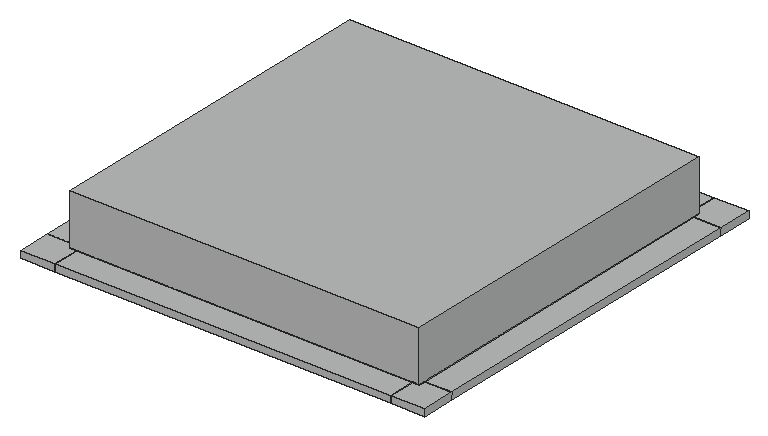
Revit family "ALUMOGIPS", category Осветительные приборы, Revit 2019 (continued)
Types (72, lengths in mm): name | Файл фотометрической сетки | built-in parameter 1150105 | Lumens | built-in parameter 1150106 | built-in parameter 1150142 | Wattage | Emit from Rectangle Width | Emit from Rectangle Length | Длина | Материал светильника | Ширина | ADSK_Ток | ADSK_Полная мощность | ADSK_Обозначение | ADSK_Номинальная мощность | ADSK_Наименование | ADSK_Масса | ADSK_Код изделия
  Alumogips-38/opal-sand 295х1195 (IP40, 4000К, серый) | "Светильник ALUMOGIPS-38 OPAL-SAND-(295x1195).ies" | 302.39 (stored number, unit not read) | 3800 lm | 3.0239 (stored number, unit not read) | "IESNA:LM-63-1995\r\n[TEST] Протокол №334/16 от 03.11.2016г. Испытательная лаборатория Государственного предприятия \"ЦСОТ НАН Беларуси\"\r\n[MORE] FFFFFFFD255B12BA015C13F525FB5F2F2\r\n[DATA] 02.11.2016\r\n[MANUFAC] ЗАО \"Центрстройсвет\"\r\n[LUMCAT] Светильник ALUMOGIPS-38/OPAL-SAND-(295X1195)\r\n[LUMINAIRE] офисное освещение\r\n[LAMP] \r\nTILT=NONE\r\n1    -1.0   1.000 91 181 1 2   .295   1.195   0.04\r\n1.0  1.0   37.90\r\n0.0 2.0 4.0 6.0 8.0 10.0 12.0 14.0 16.0 18.0 20.0 22.0 24.0 26.0 28.0 30.0 32.0 34.0 36.0 38.0 40.0 42.0 44.0 46.0 48.0 50.0 52.0 54.0 56.0 58.0 60.0 62.0 64.0 66.0 68.0 70.0 72.0 74.0 76.0 78.0 80.0 82.0 84.0 86.0 88.0 90.0 92.0 94.0 96.0 98.0 100.0 102.0 104.0 106.0 108.0 110.0 112.0 114.0 116.0 118.0 120.0 122.0 124.0 126.0 128.0 130.0 132.0 134.0 136.0 138.0 140.0 142.0 144.0 146.0 148.0 150.0 152.0 154.0 156.0 158.0 160.0 162.0 164.0 166.0 168.0 170.0 172.0 174.0 176.0 178.0 180.0 \r\n0.0 2.0 4.0 6.0 8.0 10.0 12.0 14.0 16.0 18.0 20.0 22.0 24.0 26.0 28.0 30.0 32.0 34.0 36.0 38.0 40.0 42.0 44.0 46.0 48.0 50.0 52.0 54.0 56.0 58.0 60.0 62.0 64.0 66.0 68.0 70.0 72.0 74.0 76.0 78.0 80.0 82.0 84.0 86.0 88.0 90.0 92.0 94.0 96.0 98.0 100.0 102.0 104.0 106.0 108.0 110.0 112.0 114.0 116.0 118.0 120.0 122.0 124.0 126.0 128.0 130.0 132.0 134.0 136.0 138.0 140.0 142.0 144.0 146.0 148.0 150.0 152.0 154.0 156.0 158.0 160.0 162.0 164.0 166.0 168.0 170.0 172.0 174.0 176.0 178.0 180.0 182.0 184.0 186.0 188.0 190.0 192.0 194.0 196.0 198.0 200.0 202.0 204.0 206.0 208.0 210.0 212.0 214.0 216.0 218.0 220.0 222.0 224.0 226.0 228.0 230.0 232.0 234.0 236.0 238.0 240.0 242.0 244.0 246.0 248.0 250.0 252.0 254.0 256.0 258.0 260.0 262.0 264.0 266.0 268.0 270.0 272.0 274.0 276.0 278.0 280.0 282.0 284.0 286.0 288.0 290.0 292.0 294.0 296.0 298.0 300.0 302.0 304.0 306.0 308.0 310.0 312.0 314.0 316.0 318.0 320.0 322.0 324.0 326.0 328.0 330.0 332.0 334.0 336.0 338.0 340.0 342.0 344.0 346.0 348.0 350.0 352.0 354.0 356.0 358.0 360.0 \r\n1417.637 1416.354 1411.816 1405.303 1395.733 1384.288 1370.276 1353.307 1334.658 1313.741 1290.456 1264.901 1237.669 1208.563 1177.582 1144.923 1111.476 1076.252 \r\n1039.646 1001.857 963.476 923.417 883.260 842.018 801.072 758.644 716.317 673.693 630.576 587.064 543.749 500.435 457.614 414.891 371.972 330.137 289.191 248.836 209.765 171.778 \r\n133.693 99.653 67.389 36.901 9.077 0.592 0.592 0.592 0.493 0.493 0.493 0.493 0.493 0.493 0.493 0.493 0.395 0.395 0.395 0.395 0.395 0.395 0.395 0.296 0.296 0.296 0.296 0.296 0.296 0.296 0.296 0.197 \r\n0.197 0.197 0.197 0.197 0.197 0.197 0.197 0.098 0.098 0.098 0.098 0.098 0.098 0.098 0.098 0.000 0.000 0.000 0.000 \r\n1417.637 1416.453 1411.914 1405.402 1395.930 1384.583 1370.671 1353.701 1335.053 1314.234 1290.850 1265.395 1238.261 1209.155 1178.075 1145.515 1112.067 1076.844 \r\n1040.239 1002.548 964.167 924.207 883.951 842.708 801.762 759.336 717.008 674.383 631.267 587.755 544.441 501.126 458.206 415.385 372.465 330.631 289.585 249.231 210.160 172.172 \r\n134.088 99.949 67.685 37.198 9.275 0.592 0.592 0.592 0.493 0.493 0.493 0.493 0.493 0.493 0.493 0.493 0.395 0.395 0.395 0.395 0.395 0.395 0.395 0.296 0.296 0.296 0.296 0.296 0.296 0.296 0.296 0.197 \r\n0.197 0.197 0.197 0.197 0.197 0.197 0.197 0.098 0.098 0.098 0.098 0.098 0.098 0.098 0.098 0.000 0.000 0.000 0.000 \r\n1417.637 1416.453 1412.013 1405.600 1396.226 1384.781 1370.968 1354.095 1335.448 1314.629 1291.344 1265.888 1238.754 1209.648 1178.667 1146.206 1112.758 1077.534 \r\n1040.929 1003.140 964.857 924.898 884.740 843.400 802.453 760.026 717.698 674.976 631.859 588.446 545.032 501.718 458.798 415.977 373.057 331.124 290.079 249.625 210.553 172.567 \r\n134.383 100.245 67.883 37.394 9.472 0.592 0.592 0.592 0.493 0.493 0.493 0.493 0.493 0.493 0.493 0.493 0.395 0.395 0.395 0.395 0.395 0.395 0.395 0.296 0.296 0.296 0.296 0.296 0.296 0.296 0.296 0.197 \r\n0.197 0.197 0.197 0.197 0.197 0.197 0.197 0.098 0.098 0.098 0.098 0.098 0.098 0.098 0.098 0.000 0.000 0.000 0.000 \r\n1417.637 1416.551 1412.111 1405.796 1396.423 1385.077 1371.264 1354.391 1335.842 1315.024 1291.837 1266.382 1239.248 1210.240 1179.259 1146.798 1113.350 1078.126 \r\n1041.620 1003.831 965.548 925.588 885.431 844.090 803.143 760.717 718.389 675.666 632.549 589.038 545.723 502.310 459.390 416.569 373.550 331.617 290.474 250.119 210.948 172.863 \r\n134.679 100.541 68.178 37.591 9.669 0.592 0.592 0.592 0.493 0.493 0.493 0.493 0.493 0.493 0.493 0.493 0.395 0.395 0.395 0.395 0.395 0.395 0.395 0.296 0.296 0.296 0.296 0.296 0.296 0.296 0.296 0.197 \r\n0.197 0.197 0.197 0.197 0.197 0.197 0.197 0.098 0.098 0.098 0.098 0.098 0.098 0.098 0.098 0.000 0.000 0.000 0.000 \r\n1417.637 1416.551 1412.309 1405.895 1396.621 1385.373 1371.559 1354.786 1336.237 1315.419 1292.232 1266.875 1239.742 1210.733 1179.851 1147.390 1113.942 1078.816 \r\n1042.310 1004.521 966.238 926.279 886.121 844.879 803.834 761.408 719.080 676.357 633.240 589.728 546.315 502.902 459.982 417.062 374.043 332.110 290.967 250.513 211.343 173.258 \r\n135.074 100.837 68.376 37.888 9.965 0.592 0.592 0.592 0.493 0.493 0.493 0.493 0.493 0.493 0.493 0.493 0.395 0.395 0.395 0.395 0.395 0.395 0.395 0.296 0.296 0.296 0.296 0.296 0.296 0.296 0.296 0.197 \r\n0.197 0.197 0.197 0.197 0.197 0.197 0.197 0.098 0.098 0.098 0.098 0.098 0.098 0.098 0.098 0.000 0.000 0.000 0.000 \r\n1417.637 1416.650 1412.407 1406.093 1396.917 1385.669 1371.954 1355.181 1336.632 1315.912 1292.725 1267.368 1240.334 1211.325 1180.443 1147.982 1114.633 1079.409 \r\n1042.903 1005.212 966.929 926.969 886.812 845.569 804.524 762.098 719.770 677.048 633.832 590.320 546.907 503.494 460.574 417.654 374.636 332.603 291.460 250.908 211.738 173.653 \r\n135.371 101.133 68.671 38.086 10.163 0.592 0.592 0.592 0.493 0.493 0.493 0.493 0.493 0.493 0.493 0.493 0.395 0.395 0.395 0.395 0.395 0.395 0.395 0.296 0.296 0.296 0.296 0.296 0.296 0.296 0.296 0.197 \r\n0.197 0.197 0.197 0.197 0.197 0.197 0.197 0.098 0.098 0.098 0.098 0.098 0.098 0.098 0.098 0.000 0.000 0.000 0.000 \r\n1417.637 1416.650 1412.506 1406.191 1397.114 1385.866 1372.250 1355.576 1337.027 1316.307 1293.218 1267.861 1240.827 1211.918 1181.035 1148.672 1115.225 1080.099 \r\n1043.593 1005.902 967.620 927.660 887.503 846.260 805.215 762.789 720.461 677.739 634.523 591.011 547.598 504.086 461.166 418.247 375.129 333.098 291.855 251.401 212.132 173.948 \r\n135.666 101.429 68.968 38.381 10.360 0.592 0.592 0.592 0.493 0.493 0.493 0.493 0.493 0.493 0.493 0.493 0.395 0.395 0.395 0.395 0.395 0.395 0.395 0.296 0.296 0.296 0.296 0.296 0.296 0.296 0.296 0.197 \r\n0.197 0.197 0.197 0.197 0.197 0.197 0.197 0.098 0.098 0.098 0.098 0.098 0.098 0.098 0.098 0.000 0.000 0.000 0.000 \r\n1417.637 1416.650 1412.604 1406.389 1397.311 1386.162 1372.546 1355.871 1337.421 1316.701 1293.613 1268.355 1241.320 1212.411 1181.627 1149.265 1115.816 1080.691 \r\n1044.284 1006.593 968.212 928.351 888.194 846.951 805.906 763.479 721.151 678.429 635.213 591.702 548.190 504.777 461.758 418.740 375.721 333.591 292.348 251.796 212.527 174.343 \r\n135.962 101.627 69.165 38.579 10.557 0.592 0.592 0.592 0.493 0.493 0.493 0.493 0.493 0.493 0.493 0.395 0.395 0.395 0.395 0.395 0.395 0.395 0.395 0.296 0.296 0.296 0.296 0.296 0.296 0.296 0.296 0.197 \r\n0.197 0.197 0.197 0.197 0.197 0.197 0.197 0.098 0.098 0.098 0.098 0.098 0.098 0.098 0.098 0.000 0.000 0.000 0.000 \r\n1417.637 1416.749 1412.704 1406.586 1397.607 1386.458 1372.941 1356.266 1337.815 1317.095 1294.106 1268.848 1241.813 1213.003 1182.219 1149.856 1116.409 1081.382 \r\n1044.876 1007.283 968.902 929.042 888.885 847.642 806.597 764.170 721.843 679.120 635.806 592.293 548.881 505.368 462.351 419.332 376.214 334.084 292.841 252.191 212.922 174.738 \r\n136.357 101.922 69.461 38.776 10.853 0.592 0.592 0.592 0.493 0.493 0.493 0.493 0.493 0.493 0.493 0.395 0.395 0.395 0.395 0.395 0.395 0.395 0.395 0.296 0.296 0.296 0.296 0.296 0.296 0.296 0.296 0.197 \r\n0.197 0.197 0.197 0.197 0.197 0.197 0.197 0.098 0.098 0.098 0.098 0.098 0.098 0.098 0.098 0.000 0.000 0.000 0.000 \r\n1417.637 1416.749 1412.802 1406.684 1397.805 1386.754 1373.237 1356.661 1338.210 1317.589 1294.599 1269.341 1242.406 1213.496 1182.811 1150.448 1117.099 1081.974 \r\n1045.566 1007.974 969.593 929.732 889.575 848.333 807.287 764.861 722.533 679.712 636.496 592.985 549.472 505.960 462.942 419.825 376.707 334.577 293.236 252.684 213.317 175.034 \r\n136.652 102.218 69.659 39.072 11.051 0.592 0.592 0.592 0.493 0.493 0.493 0.493 0.493 0.493 0.493 0.395 0.395 0.395 0.395 0.395 0.395 0.395 0.395 0.296 0.296 0.296 0.296 0.296 0.296 0.296 0.296 0.197 \r\n0.197 0.197 0.197 0.197 0.197 0.197 0.197 0.098 0.098 0.098 0.098 0.098 0.098 0.098 0.098 0.000 0.000 0.000 0.000 \r\n1417.637 1416.848 1412.901 1406.882 1398.002 1387.051 1373.533 1356.957 1338.605 1317.983 1294.994 1269.834 1242.899 1214.089 1183.403 1151.041 1117.692 1082.665 \r\n1046.257 1008.566 970.284 930.423 890.266 849.121 807.978 765.552 723.224 680.403 637.187 593.675 550.163 506.553 463.534 420.416 377.300 335.071 293.729 253.079 213.712 175.429 \r\n136.949 102.515 69.954 39.269 11.248 0.592 0.592 0.592 0.493 0.493 0.493 0.493 0.493 0.493 0.493 0.395 0.395 0.395 0.395 0.395 0.395 0.395 0.395 0.296 0.296 0.296 0.296 0.296 0.296 0.296 0.296 0.197 \r\n0.197 0.197 0.197 0.197 0.197 0.197 0.197 0.098 0.098 0.098 0.098 0.098 0.098 0.098 0.098 0.000 0.000 0.000 0.000 \r\n1417.637 1416.848 1412.999 1407.079 1398.298 1387.247 1373.829 1357.352 1339.000 1318.378 1295.488 1270.327 1243.392 1214.680 1183.995 1151.731 1118.283 1083.257 \r\n1046.849 1009.257 970.975 931.113 891.055 849.813 808.668 766.242 723.914 681.093 637.779 594.266 550.755 507.145 464.126 421.009 377.793 335.564 294.222 253.474 214.105 175.823 \r\n137.343 102.810 70.250 39.467 11.445 0.592 0.592 0.592 0.493 0.493 0.493 0.493 0.493 0.493 0.493 0.395 0.395 0.395 0.395 0.395 0.395 0.395 0.395 0.296 0.296 0.296 0.296 0.296 0.296 0.296 0.296 0.197 \r\n0.197 0.197 0.197 0.197 0.197 0.197 0.197 0.098 0.098 0.098 0.098 0.098 0.098 0.098 0.098 0.000 0.000 0.000 0.000 \r\n1417.637 1416.946 1413.098 1407.178 1398.495 1387.544 1374.223 1357.747 1339.395 1318.773 1295.882 1270.822 1243.886 1215.174 1184.587 1152.323 1118.974 1083.848 \r\n1047.540 1009.947 971.665 931.903 891.746 850.503 809.359 766.933 724.507 681.784 638.470 594.958 551.445 507.836 464.718 421.502 378.287 336.057 294.617 253.967 214.500 176.119 \r\n137.640 103.106 70.447 39.762 11.741 0.592 0.592 0.592 0.493 0.493 0.493 0.493 0.493 0.493 0.493 0.395 0.395 0.395 0.395 0.395 0.395 0.395 0.395 0.296 0.296 0.296 0.296 0.296 0.296 0.296 0.296 0.197 \r\n0.197 0.197 0.197 0.197 0.197 0.197 0.197 0.098 0.098 0.098 0.098 0.098 0.098 0.098 0.098 0.000 0.000 0.000 0.000 \r\n1417.637 1416.946 1413.197 1407.376 1398.693 1387.839 1374.520 1358.042 1339.789 1319.168 1296.376 1271.315 1244.477 1215.765 1185.179 1152.915 1119.566 1084.539 \r\n1048.230 1010.638 972.356 932.594 892.436 851.194 810.050 767.623 725.197 682.474 639.160 595.649 552.038 508.427 465.310 422.094 378.878 336.550 295.111 254.362 214.895 176.514 \r\n137.935 103.403 70.744 39.960 11.939 0.592 0.592 0.592 0.493 0.493 0.493 0.493 0.493 0.493 0.493 0.395 0.395 0.395 0.395 0.395 0.395 0.395 0.395 0.296 0.296 0.296 0.296 0.296 0.296 0.296 0.296 0.197 \r\n0.197 0.197 0.197 0.197 0.197 0.197 0.197 0.098 0.098 0.098 0.098 0.098 0.098 0.098 0.098 0.000 0.000 0.000 0.000 \r\n1417.637 1417.044 1413.295 1407.474 1398.890 1388.135 1374.815 1358.437 1340.184 1319.661 1296.869 1271.808 1244.971 1216.258 1185.673 1153.507 1120.158 1085.131 \r\n1048.823 1011.329 973.046 933.284 893.127 851.884 810.741 768.314 725.888 683.165 639.752 596.240 552.728 509.019 465.902 422.686 379.371 337.044 295.505 254.757 215.388 176.909 \r\n138.232 103.698 70.942 40.157 12.136 0.592 0.592 0.592 0.493 0.493 0.493 0.493 0.493 0.493 0.493 0.395 0.395 0.395 0.395 0.395 0.395 0.395 0.395 0.296 0.296 0.296 0.296 0.296 0.296 0.296 0.296 0.197 \r\n0.197 0.197 0.197 0.197 0.197 0.197 0.197 0.098 0.098 0.098 0.098 0.098 0.098 0.098 0.098 0.000 0.000 0.000 0.000 \r\n1417.637 1417.044 1413.394 1407.671 1399.187 1388.333 1375.111 1358.832 1340.578 1320.056 1297.264 1272.301 1245.464 1216.851 1186.264 1154.099 1120.849 1085.822 \r\n1049.513 1012.020 973.737 933.975 893.818 852.575 811.432 769.004 726.578 683.855 640.443 596.930 553.321 509.611 466.494 423.180 379.964 337.537 295.999 255.250 215.783 177.304 \r\n138.626 103.994 71.237 40.453 12.333 0.592 0.592 0.592 0.493 0.493 0.493 0.493 0.493 0.493 0.493 0.395 0.395 0.395 0.395 0.395 0.395 0.395 0.395 0.296 0.296 0.296 0.296 0.296 0.296 0.296 0.296 0.197 \r\n0.197 0.197 0.197 0.197 0.197 0.197 0.197 0.098 0.098 0.098 0.098 0.098 0.098 0.098 0.098 0.000 0.000 0.000 0.000 \r\n1417.637 1417.143 1413.492 1407.869 1399.383 1388.629 1375.506 1359.226 1340.973 1320.451 1297.757 1272.795 1246.056 1217.443 1186.856 1154.790 1121.441 1086.414 \r\n1050.204 1012.711 974.428 934.665 894.508 853.365 812.122 769.695 727.269 684.448 641.134 597.523 554.011 510.203 467.086 423.772 380.457 338.031 296.492 255.645 216.178 177.599 \r\n138.922 104.291 71.533 40.650 12.629 0.592 0.592 0.592 0.493 0.493 0.493 0.493 0.493 0.493 0.493 0.395 0.395 0.395 0.395 0.395 0.395 0.395 0.395 0.296 0.296 0.296 0.296 0.296 0.296 0.296 0.296 0.197 \r\n0.197 0.197 0.197 0.197 0.197 0.197 0.197 0.098 0.098 0.098 0.098 0.098 0.098 0.098 0.098 0.000 0.000 0.000 0.000 \r\n1417.637 1417.143 1413.592 1407.967 1399.580 1388.925 1375.803 1359.523 1341.367 1320.845 1298.250 1273.288 1246.550 1217.936 1187.448 1155.382 1122.032 1087.105 \r\n1050.894 1013.401 975.119 935.356 895.199 854.055 812.813 770.386 727.959 685.138 641.725 598.213 554.603 510.795 467.678 424.265 380.951 338.524 296.887 256.038 216.573 177.994 \r\n139.218 104.586 71.730 40.848 12.826 0.592 0.592 0.493 0.493 0.493 0.493 0.493 0.493 0.493 0.493 0.395 0.395 0.395 0.395 0.395 0.395 0.395 0.395 0.296 0.296 0.296 0.296 0.296 0.296 0.296 0.296 0.197 \r\n0.197 0.197 0.197 0.197 0.197 0.197 0.197 0.098 0.098 0.098 0.098 0.098 0.098 0.098 0.098 0.000 0.000 0.000 0.000 \r\n1417.637 1417.242 1413.690 1408.165 1399.877 1389.220 1376.098 1359.917 1341.762 1321.339 1298.645 1273.781 1247.043 1218.528 1188.041 1155.974 1122.723 1087.697 \r\n1051.487 1013.993 975.810 936.046 895.889 854.746 813.503 771.077 728.650 685.829 642.416 598.904 555.294 511.486 468.270 424.857 381.542 339.018 297.380 256.533 216.967 178.389 \r\n139.613 104.882 72.026 41.143 13.024 0.592 0.592 0.493 0.493 0.493 0.493 0.493 0.493 0.493 0.493 0.395 0.395 0.395 0.395 0.395 0.395 0.395 0.395 0.296 0.296 0.296 0.296 0.296 0.296 0.296 0.296 0.197 \r\n0.197 0.197 0.197 0.197 0.197 0.197 0.197 0.098 0.098 0.098 0.098 0.098 0.098 0.098 0.098 0.000 0.000 0.000 0.000 \r\n1417.637 1417.242 1413.789 1408.362 1400.075 1389.517 1376.394 1360.311 1342.157 1321.733 1299.138 1274.274 1247.536 1219.022 1188.632 1156.566 1123.315 1088.388 \r\n1052.177 1014.684 976.500 936.738 896.581 855.436 814.194 771.768 729.341 686.519 643.107 599.496 555.885 512.078 468.862 425.449 382.035 339.511 297.873 256.926 217.362 178.685 \r\n139.909 105.079 72.223 41.341 13.221 0.592 0.592 0.493 0.493 0.493 0.493 0.493 0.493 0.493 0.493 0.395 0.395 0.395 0.395 0.395 0.395 0.395 0.395 0.296 0.296 0.296 0.296 0.296 0.296 0.296 0.296 0.197 \r\n0.197 0.197 0.197 0.197 0.197 0.197 0.197 0.098 0.098 0.098 0.098 0.098 0.098 0.098 0.098 0.000 0.000 0.000 0.000 \r\n1417.637 1417.341 1413.986 1408.461 1400.271 1389.715 1376.789 1360.608 1342.552 1322.128 1299.632 1274.768 1248.128 1219.614 1189.224 1157.256 1123.907 1088.980 \r\n1052.868 1015.374 977.191 937.428 897.369 856.127 814.884 772.458 730.032 687.211 643.698 600.187 556.577 512.670 469.454 425.942 382.529 340.004 298.268 257.321 217.756 179.080 \r\n140.204 105.376 72.520 41.538 13.517 0.592 0.592 0.493 0.493 0.493 0.493 0.493 0.493 0.493 0.493 0.395 0.395 0.3
